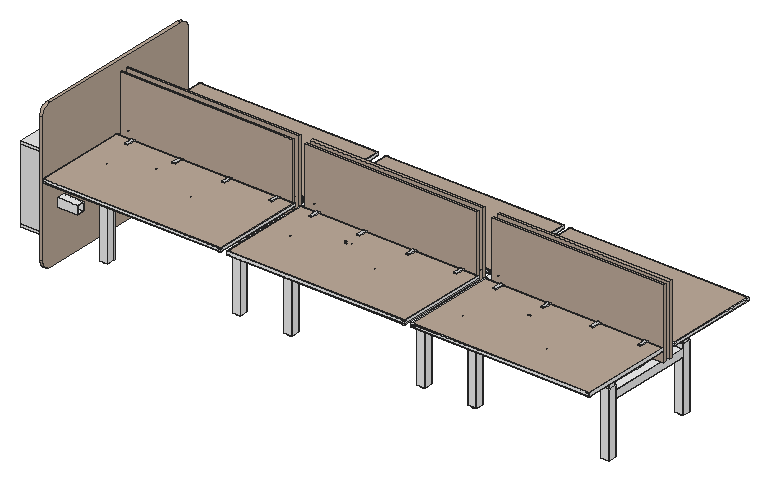
Revit family "T200104", category Furniture, Revit 2022
Family settings
  OmniClass Number = 23.40.20.00
  OmniClass Title = General Furniture and Specialties
  Work Plane-Based = No
  Always vertical = No
  Cut with Voids When Loaded = No
  Render Appearance Source = Family Geometry
  Shared = No
  Room Calculation Point = No
Parameters (values of type "T200106")
  URL = "https://ofs.com/"
  Manufacturer = "OFS"
  Description = "OFS TYPICAL T200106"
  Default Elevation = 0"
  Copyright © = "©OFS 2021"
  Catalog = "https://ofs.com/2020-experience"
  Authoring Version = "Autodesk Revit Architecture 2015"
  Assembly Code = "E2020400"
Reference planes (in)
  plane 1 "Center Front/Back": y = 0
  plane 2: z = 0
  plane 3 "Center Left/Right": x = 0
Dimensions and locks (in)
  aligned and locked: level to plane 2
Nested families (in)
  nested 1: "OFS RANGE CABLE CARRIER" at (-31.25, 12, -23.375), type "CABLE CARRIER 60W"
  nested 2: "OFS RANGE CABLE CARRIER" at (29.99027, 12, -23.375), type "CABLE CARRIER 60W"
  nested 3: "OFS RANGE CABLE CARRIER" at (89.95988, 12, -23.375), type "CABLE CARRIER 60W"
  nested 4: "OFS RANGE HEIGHT ADJUSTABLE BENCH KIT" at (89.95988, 12, 0), type "HEIGHT ADJUSTABLE BENCH KIT 60W"
    with Height 27 7/8"
  nested 5: "OFS RANGE HEIGHT ADJUSTABLE BENCH KIT" at (29.99027, 12, 0), type "HEIGHT ADJUSTABLE BENCH KIT 60W"
    with Height 27 7/8"
  nested 6: "OFS RANGE HEIGHT ADJUSTABLE BENCH KIT" at (-30, 12, 0), type "HEIGHT ADJUSTABLE BENCH KIT 60W"
    with Height 27 7/8"
  nested 7: "OFS RANGE END CAP" at (-63, 0.05906, 0) x (0, 1, 0) z (0, 0, 1), type "END CAP"
  nested 8: "OFS RANGE END CAP" at (121.70988, 0.04764, 0) x (0, -1, 0) z (0, 0, 1), type "END CAP"
  nested 9: "OFS RANGE HEIGHT ADJUSTABLE GANGING TRAY" at (0, 12, 0), type "HEIGHT ADJUSTABLE GANGING TRAY"
  nested 10: "OFS RANGE BRACKETS FOR WORKSURFACE EDGE MODESTY FABRIC PANEL" at (-22, -1.87262, -3.3125), type "BRACKETS FOR WORKSURFACE EDGE MODESTY Fabric Panel"
  nested 11: "OFS RANGE BRACKETS FOR WORKSURFACE EDGE MODESTY FABRIC PANEL" at (-38, -1.86781, -3.3125), type "BRACKETS FOR WORKSURFACE EDGE MODESTY Fabric Panel"
  nested 12: "OFS RANGE BRACKETS FOR WORKSURFACE EDGE MODESTY FABRIC PANEL" at (-6.5, -1.87262, -3.3125), type "BRACKETS FOR WORKSURFACE EDGE MODESTY Fabric Panel"
  nested 13: "OFS RANGE BRACKETS FOR WORKSURFACE EDGE MODESTY FABRIC PANEL" at (-53.5, -1.86802, -3.3125), type "BRACKETS FOR WORKSURFACE EDGE MODESTY Fabric Panel"
  nested 14: "OFS RANGE HEIGHT ADJUSTABLE GANGING TRAY" at (59.98054, 12, 0) x (-1, 0, 0) z (0, 0, 1), type "HEIGHT ADJUSTABLE GANGING TRAY"
  nested 15: "OFS RANGE BRACKETS FOR WORKSURFACE EDGE MODESTY FABRIC PANEL" at (-22, 1.87961, -3.3125), type "BRACKETS FOR WORKSURFACE EDGE MODESTY Fabric Panel"
  nested 16: "OFS RANGE BRACKETS FOR WORKSURFACE EDGE MODESTY FABRIC PANEL" at (-38, 1.87479, -3.3125), type "BRACKETS FOR WORKSURFACE EDGE MODESTY Fabric Panel"
  nested 17: "OFS RANGE BRACKETS FOR WORKSURFACE EDGE MODESTY FABRIC PANEL" at (-6.5, 1.87961, -3.3125), type "BRACKETS FOR WORKSURFACE EDGE MODESTY Fabric Panel"
  nested 18: "OFS RANGE BRACKETS FOR WORKSURFACE EDGE MODESTY FABRIC PANEL" at (-53.5, 1.875, -3.3125), type "BRACKETS FOR WORKSURFACE EDGE MODESTY Fabric Panel"
  nested 19: "OFS RANGE BRACKETS FOR WORKSURFACE EDGE MODESTY FABRIC PANEL" at (22, 1.87961, -3.3125) x (-1, 0, 0) z (0, 0, 1), type "BRACKETS FOR WORKSURFACE EDGE MODESTY Fabric Panel"
  nested 20: "OFS RANGE BRACKETS FOR WORKSURFACE EDGE MODESTY FABRIC PANEL" at (38, 1.87479, -3.3125) x (-1, 0, 0) z (0, 0, 1), type "BRACKETS FOR WORKSURFACE EDGE MODESTY Fabric Panel"
  nested 21: "OFS RANGE BRACKETS FOR WORKSURFACE EDGE MODESTY FABRIC PANEL" at (6.5, 1.87961, -3.3125) x (-1, 0, 0) z (0, 0, 1), type "BRACKETS FOR WORKSURFACE EDGE MODESTY Fabric Panel"
  nested 22: "OFS RANGE BRACKETS FOR WORKSURFACE EDGE MODESTY FABRIC PANEL" at (53.5, 1.875, -3.3125) x (-1, 0, 0) z (0, 0, 1), type "BRACKETS FOR WORKSURFACE EDGE MODESTY Fabric Panel"
  nested 23: "OFS RANGE BRACKETS FOR WORKSURFACE EDGE MODESTY FABRIC PANEL" at (22, -1.87262, -3.3125) x (-1, 0, 0) z (0, 0, 1), type "BRACKETS FOR WORKSURFACE EDGE MODESTY Fabric Panel"
  nested 24: "OFS RANGE BRACKETS FOR WORKSURFACE EDGE MODESTY FABRIC PANEL" at (38, -1.86781, -3.3125) x (-1, 0, 0) z (0, 0, 1), type "BRACKETS FOR WORKSURFACE EDGE MODESTY Fabric Panel"
  nested 25: "OFS RANGE BRACKETS FOR WORKSURFACE EDGE MODESTY FABRIC PANEL" at (6.5, -1.87262, -3.3125) x (-1, 0, 0) z (0, 0, 1), type "BRACKETS FOR WORKSURFACE EDGE MODESTY Fabric Panel"
  nested 26: "OFS RANGE BRACKETS FOR WORKSURFACE EDGE MODESTY FABRIC PANEL" at (53.5, -1.86802, -3.3125) x (-1, 0, 0) z (0, 0, 1), type "BRACKETS FOR WORKSURFACE EDGE MODESTY Fabric Panel"
  nested 27: "OFS RANGE BRACKETS FOR WORKSURFACE EDGE MODESTY FABRIC PANEL" at (97.96107, -1.87262, -3.3125), type "BRACKETS FOR WORKSURFACE EDGE MODESTY Fabric Panel"
  nested 28: "OFS RANGE BRACKETS FOR WORKSURFACE EDGE MODESTY FABRIC PANEL" at (81.96107, -1.86781, -3.3125), type "BRACKETS FOR WORKSURFACE EDGE MODESTY Fabric Panel"
  nested 29: "OFS RANGE BRACKETS FOR WORKSURFACE EDGE MODESTY FABRIC PANEL" at (113.46107, -1.87262, -3.3125), type "BRACKETS FOR WORKSURFACE EDGE MODESTY Fabric Panel"
  nested 30: "OFS RANGE BRACKETS FOR WORKSURFACE EDGE MODESTY FABRIC PANEL" at (66.46107, -1.86802, -3.3125), type "BRACKETS FOR WORKSURFACE EDGE MODESTY Fabric Panel"
  nested 31: "OFS RANGE BRACKETS FOR WORKSURFACE EDGE MODESTY FABRIC PANEL" at (97.96107, 1.87961, -3.3125), type "BRACKETS FOR WORKSURFACE EDGE MODESTY Fabric Panel"
  nested 32: "OFS RANGE BRACKETS FOR WORKSURFACE EDGE MODESTY FABRIC PANEL" at (81.96107, 1.87479, -3.3125), type "BRACKETS FOR WORKSURFACE EDGE MODESTY Fabric Panel"
  nested 33: "OFS RANGE BRACKETS FOR WORKSURFACE EDGE MODESTY FABRIC PANEL" at (113.46107, 1.87961, -3.3125), type "BRACKETS FOR WORKSURFACE EDGE MODESTY Fabric Panel"
  nested 34: "OFS RANGE BRACKETS FOR WORKSURFACE EDGE MODESTY FABRIC PANEL" at (66.46107, 1.875, -3.3125), type "BRACKETS FOR WORKSURFACE EDGE MODESTY Fabric Panel"
  nested 35: "OFS RANGE 30D RECTANGULAR TOP" at (-30, -2, 0), type "30D RECTANGULAR TOP 58W"
  nested 36: "OFS RANGE 30D RECTANGULAR TOP" at (29.99027, -2, 0), type "30D RECTANGULAR TOP 58W"
  nested 37: "OFS RANGE 30D RECTANGULAR TOP" at (89.95988, -2, 0), type "30D RECTANGULAR TOP 58W"
  nested 38: "OFS RANGE 30D RECTANGULAR TOP" at (-30, 2, 0) x (-1, 0, 0) z (0, 0, 1), type "30D RECTANGULAR TOP 58W"
  nested 39: "OFS RANGE 30D RECTANGULAR TOP" at (30.57814, 1.95669, 0) x (-1, 0, 0) z (0, 0, 1), type "30D RECTANGULAR TOP 58W"
  nested 40: "OFS RANGE 30D RECTANGULAR TOP" at (90.45314, 2.04331, 0) x (-1, 0, 0) z (0, 0, 1), type "30D RECTANGULAR TOP 58W"
  nested 41: "OFS RANGE WORKSURFACE EDGE MODESTY FABRIC" at (-30.13046, 10.91831, 0), type "WORKSURFACE EDGE MODESTY 56W FABRIC"
  nested 42: "OFS RANGE WORKSURFACE EDGE MODESTY FABRIC" at (-30.17636, 13.45669, 0), type "WORKSURFACE EDGE MODESTY 56W FABRIC"
  nested 43: "OFS RANGE WORKSURFACE EDGE MODESTY FABRIC" at (29.86954, 10.91831, 0), type "WORKSURFACE EDGE MODESTY 56W FABRIC"
  nested 44: "OFS RANGE WORKSURFACE EDGE MODESTY FABRIC" at (29.82364, 13.45669, 0), type "WORKSURFACE EDGE MODESTY 56W FABRIC"
  nested 45: "OFS RANGE WORKSURFACE EDGE MODESTY FABRIC" at (90.86954, 10.91831, 0), type "WORKSURFACE EDGE MODESTY 56W FABRIC"
  nested 46: "OFS RANGE WORKSURFACE EDGE MODESTY FABRIC" at (90.82364, 13.45669, 0), type "WORKSURFACE EDGE MODESTY 56W FABRIC"
  nested 47: "OFS RANGE DIVIDER WALL PRIVACY PANEL SOFT" at (-73.05812, -0.35444, 0) x (0, 1, 0) z (0, 0, 1), type "DIVIDER WALL PRIVACY PANEL SOFT 48H 59W"
  nested 48: "FIRST OFFICE_INTERMIX_STORAGE_FLOOR_SHELF_UNIT_NO_DRS" at (-61.55812, -0.35444, -3) x (0, -1, 0) z (0, 0, 1), type "INTERMIX-STORAGE-FLOOR-SHELF-UNIT-NO-DRS_CC-M3025FS1"
Definition of nested family "OFS RANGE CABLE CARRIER"
  Parameters (values of type "CABLE CARRIER 72W")
    Width = 52 1/2"
    URL = "http://www.ofs.com/"
    Model = "HB-72CC"
    Manufacturer = "CAROLINA"
    Height from Floor = 38 3/8"
    Height = 4 3/4"
    Profile Material = none
    Description = "OFS CAROLINA CABLE CARRIER, Use with 72\" Bench Kit"
    Depth = 9 1/2"
    Default Elevation = 0"
    Copyright © = "©OFS 2019"
    Catalog = "https://ofs.com/products/open-plan/benching/range"
    Authoring Version = "Autodesk Revit Architecture 2015"
    Assembly Code = "E2020200"
  Types (5): name | Width | Model | Description
    (no name) | 52 1/2" | "HB-72CC" | "OFS CAROLINA CABLE CARRIER, Use with 72\" Bench Kit"
    CABLE CARRIER 54W | 34 1/2" | "HB-54CC" | "OFS CAROLINA CABLE CARRIER, Use with 54\" Bench Kit"
    CABLE CARRIER 60W | 40 1/2" | "HB-60CC" | "OFS CAROLINA CABLE CARRIER, Use with 60\" Bench Kit"
    CABLE CARRIER 66W | 46 1/2" | "HB-66CC" | "OFS CAROLINA CABLE CARRIER, Use with 66\" Bench Kit"
    CABLE CARRIER 72W | 52 1/2" | "HB-72CC" | "OFS CAROLINA CABLE CARRIER, Use with 72\" Bench Kit"
  Reference planes (in)
    plane 1 "Back": y = -7.25
    plane 2: z = 0
    plane 3 "Center Left/Right": x = 0
    plane 4 "Front": y = -16.75
    plane 5 "Left": x = -26.25
    plane 6 "Right": x = 26.25
    plane 7: z = 38.375
    plane 8: z = 43.125
    plane 9: y = -12
    plane 10: x = -26
    plane 11: x = 26
  Forms (in)
    Extrusion 1, solid, material <- "Profile Material"
      sketch origin (0, 0, 0) x (0, 1, 0) y (0, 0, 1)
        loop
          arc (-16.75, 38.46905) -> (-16.66025, 38.38387) -> (-16.57988, 38.47795) r 0.08529
          line (-16.57988, 38.47795) -> (-16.59942, 38.79749) -> (-16.65837, 38.79388) -> (-16.63788, 38.45883)
          arc (-16.63788, 38.45883) -> (-16.66298, 38.43067) -> (-16.69094, 38.45599) r 0.02657
          line (-16.69094, 38.45599) -> (-16.69094, 42.16761)
          arc (-16.69094, 42.16761) -> (-16.68076, 42.1803) -> (-16.66616, 42.1731) r 0.013
          line (-16.66616, 42.1731) -> (-16.52333, 41.8668) -> (-16.4698, 41.89175) -> (-16.63086, 42.23713)
          arc (-16.63086, 42.23713) -> (-16.70103, 42.27174) -> (-16.75, 42.21072) r 0.0625
          line (-16.75, 42.21072) -> (-16.75, 38.46905)
      from -26.25 to 26.25
    Extrusion 2, solid, material <- "Profile Material"
      sketch origin (0, -24, 0) x (0, -1, 0) y (0, 0, -1)
        loop
          line (-16.75, -38.46905) -> (-16.75, -42.21072)
          arc (-16.75, -42.21072) -> (-16.70103, -42.27174) -> (-16.63086, -42.23713) r 0.0625
          line (-16.63086, -42.23713) -> (-16.4698, -41.89175) -> (-16.52333, -41.8668) -> (-16.66616, -42.1731)
          arc (-16.66616, -42.1731) -> (-16.68076, -42.1803) -> (-16.69094, -42.16761) r 0.013
          line (-16.69094, -42.16761) -> (-16.69094, -38.45599)
          arc (-16.69094, -38.45599) -> (-16.66298, -38.43067) -> (-16.63788, -38.45883) r 0.02657
          line (-16.63788, -38.45883) -> (-16.65837, -38.79388) -> (-16.59942, -38.79749) -> (-16.57988, -38.47795)
          arc (-16.57988, -38.47795) -> (-16.66025, -38.38387) -> (-16.75, -38.46905) r 0.08529
      from -26.25 to 26.25
    Extrusion 3, solid, material <- "Profile Material"
      sketch origin (0, 0, 0) x (0, 1, 0) y (0, 0, 1)
        loop
          line (-7.70866, 42.18051) -> (-7.70866, 38.47972) -> (-7.57087, 38.47972) -> (-7.57087, 42.17868)
          arc (-7.57087, 42.17868) -> (-7.61176, 42.27741) -> (-7.71049, 42.31831) r 0.13963
          line (-7.71049, 42.31831) -> (-16.28951, 42.31831)
          arc (-16.28951, 42.31831) -> (-16.38824, 42.27741) -> (-16.42914, 42.17868) r 0.13963
          line (-16.42914, 42.17868) -> (-16.42914, 38.47972) -> (-16.29134, 38.47972) -> (-16.29134, 42.18051) -> (-7.70866, 42.18051)
      from -26.25 to 26.25
    Extrusion 4, solid, material <- "Profile Material"
      sketch origin (0, 0, 0) x (0, 1, 0) y (0, 0, 1)
        loop
          line (-13.4498, 42.37736) -> (-10.5502, 42.37736)
          arc (-10.5502, 42.37736) -> (-10.46181, 42.41397) -> (-10.4252, 42.50236) r 0.125
          line (-10.4252, 42.50236) -> (-10.4252, 43)
          arc (-10.4252, 43) -> (-10.46181, 43.08839) -> (-10.5502, 43.125) r 0.125
          line (-10.5502, 43.125) -> (-13.4498, 43.125)
          arc (-13.4498, 43.125) -> (-13.53819, 43.08839) -> (-13.5748, 43) r 0.125
          line (-13.5748, 43) -> (-13.5748, 42.50236)
          arc (-13.5748, 42.50236) -> (-13.53819, 42.41397) -> (-13.4498, 42.37736) r 0.125
        loop
          line (-10.54331, 42.49547) -> (-10.54331, 43.00689) -> (-13.45669, 43.00689) -> (-13.45669, 42.49547) -> (-10.54331, 42.49547)
      from -26.25 to 26.25
    Extrusion 5, solid, material <- "Profile Material"
      sketch origin (0, 0, 0) x (0, 1, 0) y (0, 0, 1)
        loop
          line (-7.55906, 38.43406) -> (-16.44094, 38.43406) -> (-16.44094, 39.19311) -> (-16.5, 39.19311) -> (-16.5, 38.44013)
          arc (-16.5, 38.44013) -> (-16.48092, 38.39408) -> (-16.43487, 38.375) r 0.06513
          line (-16.43487, 38.375) -> (-7.56513, 38.375)
          arc (-7.56513, 38.375) -> (-7.51908, 38.39408) -> (-7.5, 38.44013) r 0.06513
          line (-7.5, 38.44013) -> (-7.5, 39.19311) -> (-7.55906, 39.19311) -> (-7.55906, 38.43406)
      from -26.25 to 26.25
    Extrusion 6, solid, material <- "Profile Material"
      sketch origin (0, 0, 0) x (0, 1, 0) y (0, 0, 1)
        loop
          arc (-16.39444, 42.37736) -> (-16.46073, 42.3499) -> (-16.48819, 42.28361) r 0.09375
          line (-16.48819, 42.28361) -> (-16.48819, 41.85717)
          arc (-16.48819, 41.85717) -> (-16.49961, 41.84294) -> (-16.51596, 41.85101) r 0.01457
          line (-16.51596, 41.85101) -> (-16.63096, 42.09762) -> (-16.68194, 42.07384) -> (-16.54764, 41.78583)
          arc (-16.54764, 41.78583) -> (-16.47784, 41.75141) -> (-16.42914, 41.8121) r 0.06216
          line (-16.42914, 41.8121) -> (-16.42914, 42.28714)
          arc (-16.42914, 42.28714) -> (-16.42001, 42.30918) -> (-16.39796, 42.31831) r 0.03117
          line (-16.39796, 42.31831) -> (-7.60204, 42.31831)
          arc (-7.60204, 42.31831) -> (-7.57999, 42.30918) -> (-7.57087, 42.28714) r 0.03117
          line (-7.57087, 42.28714) -> (-7.57087, 41.8121)
          arc (-7.57087, 41.8121) -> (-7.52216, 41.75141) -> (-7.45236, 41.78583) r 0.06216
          line (-7.45236, 41.78583) -> (-7.31806, 42.07384) -> (-7.36904, 42.09762) -> (-7.48404, 41.85101)
          arc (-7.48404, 41.85101) -> (-7.50039, 41.84294) -> (-7.51181, 41.85717) r 0.01457
          line (-7.51181, 41.85717) -> (-7.51181, 42.28361)
          arc (-7.51181, 42.28361) -> (-7.53927, 42.3499) -> (-7.60556, 42.37736) r 0.09375
          line (-7.60556, 42.37736) -> (-16.39444, 42.37736)
      from -26.25 to 26.25
    Extrusion 7, solid, material <- "Profile Material"
      sketch origin (0, 0, 0) x (0, 1, 0) y (0, 0, 1)
        loop
          line (-9.5, 40.40471) -> (-9.5, 42.18051) -> (-14.5, 42.18051) -> (-14.5, 40.40471)
          arc (-14.5, 40.40471) -> (-14.46305, 40.3155) -> (-14.37384, 40.27854) r 0.12616
          line (-14.37384, 40.27854) -> (-9.62616, 40.27854)
          arc (-9.62616, 40.27854) -> (-9.53695, 40.3155) -> (-9.5, 40.40471) r 0.12616
      from 26 to 26.25
    Extrusion 8, solid, material <- "Profile Material"
      sketch origin (0, 0, 0) x (0, 1, 0) y (0, 0, -1)
        loop
          arc (-9.5, -40.40471) -> (-9.53695, -40.3155) -> (-9.62616, -40.27854) r 0.12616
          line (-9.62616, -40.27854) -> (-14.37384, -40.27854)
          arc (-14.37384, -40.27854) -> (-14.46305, -40.3155) -> (-14.5, -40.40471) r 0.12616
          line (-14.5, -40.40471) -> (-14.5, -42.18051) -> (-9.5, -42.18051) -> (-9.5, -40.40471)
      from 26 to 26.25
  Dimensions and locks (in)
    "Depth": plane 4 "Front" to plane 1 "Back"
    equal spacing: plane 5 "Left", plane 3 "Center Left/Right", plane 6 "Right"
    "Width": plane 5 "Left" to plane 6 "Right"
    "Height from Floor": plane 7 to level
    "Height": plane 8 to plane 7
    equal spacing: plane 4 "Front", plane 9, plane 1 "Back"
    locked: plane 5 "Left" to plane 10 at 0.25
    locked: plane 6 "Right" to plane 11 at 0.25
    aligned and locked: level to plane 2
    aligned and locked: Extrusion 1 to plane 6 "Right"
    aligned and locked: Extrusion 3 to plane 6 "Right"
    aligned and locked: Extrusion 2 to plane 6 "Right"
    aligned and locked: Extrusion 5 to plane 6 "Right"
    aligned and locked: Extrusion 4 to plane 6 "Right"
    aligned and locked: Extrusion 6 to plane 6 "Right"
    aligned and locked: Extrusion 1 to plane 5 "Left"
    aligned and locked: Extrusion 3 to plane 5 "Left"
    aligned and locked: Extrusion 2 to plane 5 "Left"
    aligned and locked: Extrusion 4 to plane 5 "Left"
    aligned and locked: Extrusion 6 to plane 5 "Left"
    aligned and locked: Extrusion 5 to plane 5 "Left"
    aligned and locked: plane 11 to Extrusion 7
    aligned and locked: Extrusion 7 to plane 6 "Right"
    aligned and locked: Extrusion 8 to plane 5 "Left"
    aligned and locked: plane 10 to Extrusion 8
  Automatic sketch dimensions
    Extrusion 1 sketch curve to plane 4 "Front" = 0"
    Extrusion 1 sketch curve to plane 4 "Front" = 0.05906"
    Extrusion 1 sketch curve to Extrusion 1 sketch curve = 0.00344"
    Extrusion 1 sketch curve to Extrusion 1 sketch curve = 0.013"
    Extrusion 1 sketch curve to Extrusion 1 sketch curve = 0.01178"
    Extrusion 1 sketch curve to Extrusion 1 sketch curve = 0.02624"
    Extrusion 1 sketch curve to Extrusion 1 sketch curve = 0.00031"
    Extrusion 1 sketch curve to plane 4 "Front" = 0.09163"
    plane 7 to Extrusion 1 sketch curve = 0.08383"
    Extrusion 1 sketch curve to Extrusion 1 sketch curve = 0.02652"
    Extrusion 1 sketch curve to Extrusion 1 sketch curve = 0.05664"
    Extrusion 1 sketch curve to Extrusion 1 sketch curve = 0.05894"
    plane 7 to Extrusion 1 sketch curve = 0.10295"
    Extrusion 1 sketch curve to Extrusion 1 sketch curve = 0.058"
    Extrusion 1 sketch curve to plane 4 "Front" = 0.22667"
    Extrusion 1 sketch curve to Extrusion 1 sketch curve = 0.05352"
    Extrusion 1 sketch curve to Extrusion 1 sketch curve = 0.01184"
    Extrusion 1 sketch curve to plane 8 = 1.2582"
    Extrusion 1 sketch curve to Extrusion 1 sketch curve = 0.02496"
    Extrusion 2 sketch curve to plane 1 "Back" = 0"
    Extrusion 2 sketch curve to plane 1 "Back" = 0.05906"
    Extrusion 2 sketch curve to Extrusion 2 sketch curve = 0.00344"
    Extrusion 2 sketch curve to Extrusion 2 sketch curve = 0.013"
    Extrusion 2 sketch curve to Extrusion 2 sketch curve = 0.01178"
    Extrusion 2 sketch curve to Extrusion 2 sketch curve = 0.02624"
    Extrusion 2 sketch curve to Extrusion 2 sketch curve = 0.00031"
    Extrusion 2 sketch curve to plane 1 "Back" = 0.09163"
    Extrusion 2 sketch curve to plane 7 = 0.08383"
    Extrusion 2 sketch curve to Extrusion 2 sketch curve = 0.02652"
    Extrusion 2 sketch curve to Extrusion 2 sketch curve = 0.05664"
    Extrusion 2 sketch curve to Extrusion 2 sketch curve = 0.05894"
    Extrusion 2 sketch curve to plane 7 = 0.10295"
    Extrusion 2 sketch curve to Extrusion 2 sketch curve = 0.058"
    Extrusion 2 sketch curve to plane 1 "Back" = 0.22667"
    Extrusion 2 sketch curve to Extrusion 2 sketch curve = 0.05352"
    Extrusion 2 sketch curve to Extrusion 2 sketch curve = 0.01184"
    plane 8 to Extrusion 2 sketch curve = 1.2582"
    Extrusion 2 sketch curve to Extrusion 2 sketch curve = 0.02496"
    Extrusion 3 sketch curve to plane 4 "Front" = 0.32086"
    Extrusion 3 sketch curve to Extrusion 3 sketch curve = 0.1378"  (x2)
    Extrusion 3 sketch curve to Extrusion 3 sketch curve = 0.00183"  (x3)
    plane 1 "Back" to Extrusion 3 sketch curve = 0.46049"
    plane 7 to Extrusion 3 sketch curve = 0.10472"  (x2)
    Extrusion 3 sketch curve to plane 8 = 0.94632"
    Extrusion 4 sketch curve to plane 8 = 0"
    Extrusion 4 sketch curve to plane 9 = 1.5748"
    Extrusion 4 sketch curve to Extrusion 4 sketch curve = 0.11811"  (x2)
    Extrusion 4 sketch curve to Extrusion 4 sketch curve = 0.00689"  (x5)
    plane 9 to Extrusion 4 sketch curve = 1.4498"
    Extrusion 4 sketch curve to Extrusion 4 sketch curve = 0"
    Extrusion 4 sketch curve to Extrusion 4 sketch curve = 0.49764"
    Extrusion 5 sketch curve to plane 7 = 0"
    plane 7 to Extrusion 5 sketch curve = 0.06513"  (x2)
    Extrusion 5 sketch curve to plane 4 "Front" = 1/4"
    Extrusion 5 sketch curve to Extrusion 5 sketch curve = 0.05906"  (x2)
    plane 1 "Back" to Extrusion 5 sketch curve = 0.31513"
    Extrusion 5 sketch curve to Extrusion 5 sketch curve = 0.00607"
    Extrusion 5 sketch curve to Extrusion 5 sketch curve = 0.75298"  (x2)
    Extrusion 6 sketch curve to plane 4 "Front" = 0.06806"
    Extrusion 6 sketch curve to Extrusion 6 sketch curve = 0.05098"  (x2)
    Extrusion 6 sketch curve to plane 4 "Front" = 0.20236"
    Extrusion 6 sketch curve to Extrusion 6 sketch curve = 0.03168"
    Extrusion 6 sketch curve to Extrusion 6 sketch curve = 0.0132"  (x2)
    Extrusion 6 sketch curve to Extrusion 6 sketch curve = 0.02466"
    Extrusion 6 sketch curve to Extrusion 6 sketch curve = 0.01457"  (x2)
    Extrusion 6 sketch curve to Extrusion 6 sketch curve = 0.06216"
    Extrusion 6 sketch curve to Extrusion 6 sketch curve = 0.03117"  (x2)
    Extrusion 6 sketch curve to Extrusion 6 sketch curve = 0.00352"  (x3)
    plane 1 "Back" to Extrusion 6 sketch curve = 0.35556"
    Extrusion 6 sketch curve to Extrusion 6 sketch curve = 0.05906"
    Extrusion 6 sketch curve to Extrusion 6 sketch curve = 0.00311"
    Extrusion 6 sketch curve to Extrusion 6 sketch curve = 0.05634"
    plane 1 "Back" to Extrusion 6 sketch curve = 0.11904"
    Extrusion 6 sketch curve to plane 8 = 1.33917"  (x2)
    Extrusion 6 sketch curve to Extrusion 6 sketch curve = 0.03891"  (x2)
    Extrusion 6 sketch curve to Extrusion 6 sketch curve = 0.186"
    Extrusion 7 sketch curve to plane 4 "Front" = 2 1/4"
    Extrusion 7 sketch curve to Extrusion 7 sketch curve = 0.12616"  (x2)
    plane 9 to Extrusion 7 sketch curve = 2.37384"
    plane 7 to Extrusion 7 sketch curve = 1.90354"
    Extrusion 7 sketch curve to plane 8 = 0.94449"
    Extrusion 8 sketch curve to plane 4 "Front" = 2 1/4"
    Extrusion 8 sketch curve to Extrusion 8 sketch curve = 0.12616"  (x2)
    plane 9 to Extrusion 8 sketch curve = 2.37384"
    Extrusion 8 sketch curve to plane 8 = 0.94449"
    Extrusion 8 sketch curve to Extrusion 8 sketch curve = 1.77581"
Definition of nested family "OFS RANGE HEIGHT ADJUSTABLE BENCH KIT"
  Parameters (values of type "HEIGHT ADJUSTABLE BENCH KIT 54W")
    Default Elevation = 0"
    Casters Material = none
    Width = 44"
    URL = "http://www.ofs.com/"
    Model = "HB-54HABK"
    Manufacturer = "CAROLINA"
    Height [instance] = 27 7/8"
    Structure Material = none
    Description = "OFS CAROLINA RANGE HEIGHT ADJUSTABLE BENCH KIT, 54\" Kit, Accommodates Two Users"
    Depth = 45 3/4"
    Copyright © = "©OFS 2019"
    Catalog = "https://ofs.com/products/open-plan/benching/range"
    Authoring Version = "Autodesk Revit Architecture 2015"
    Assembly Code = "E2020200"
  Types (5): name | Width | Model | Description
    (no name) | 44" | "HB-54HABK" | "OFS CAROLINA RANGE HEIGHT ADJUSTABLE BENCH KIT, 54\" Kit, Accommodates Two Users"
    HEIGHT ADJUSTABLE BENCH KIT 54W | 44" | "HB-54HABK" | "OFS CAROLINA RANGE HEIGHT ADJUSTABLE BENCH KIT, 54\" Kit, Accommodates Two Users"
    HEIGHT ADJUSTABLE BENCH KIT 60W | 50" | "HB-60HABK" | "OFS CAROLINA RANGE HEIGHT ADJUSTABLE BENCH KIT, 60\" Kit, Accommodates Two Users"
    HEIGHT ADJUSTABLE BENCH KIT 66W | 56" | "HB-66HABK" | "OFS CAROLINA RANGE HEIGHT ADJUSTABLE BENCH KIT, 66\" Kit, Accommodates Two Users"
    HEIGHT ADJUSTABLE BENCH KIT 72W | 62" | "HB-72HABK" | "OFS CAROLINA RANGE HEIGHT ADJUSTABLE BENCH KIT, 72\" Kit, Accommodates Two Users"
  Reference planes (in)
    plane 1 "Back": y = 10.875
    plane 2: z = 0
    plane 3 "Center Left/Right": x = 0
    plane 4 "Front": y = -34.875
    plane 5 "Left": x = -22
    plane 6 "Right": x = 22
    plane 7: z = 27.875
    plane 8: y = -12
    plane 9: z = 19.75
    plane 10: z = 17
    plane 11: z = 21.25
    plane 12: x = -20
    plane 13: x = 20
    plane 14: x = -17.25
    plane 15: x = 17.25
    plane 16: y = 4.375
    plane 17: y = 1.625
    plane 18: y = -28.375
    plane 19: y = -25.625
    plane 20: z = 0.375
    plane 21: x = -20.875
    plane 22: x = 20.875
    plane 23: y = -4.87622
    plane 24: y = -19.12378
    plane 25: z = 26.75
    plane 26: y = -23.9375
    plane 27: y = -25.125
    plane 28: y = -30.0625
    plane 29: y = -28.875
    plane 30: y = -0.0625
    plane 31: y = 1.125
    plane 32: y = 6.0625
    plane 33: y = 4.875
    plane 34: x = -0.5
    plane 35: x = 0.5
    plane 36: z = 25.5
    plane 37: z = 26
  Forms (in)
    Extrusion 1, solid, material <- "Structure Material"
      sketch origin (0, 0, 0) x (1, 0, 0) y (0, 1, 0)
        loop
          arc (-19.875, 4.375) -> (-19.96339, 4.33839) -> (-20, 4.25) r 0.125
          line (-20, 4.25) -> (-20, 1.75)
          arc (-20, 1.75) -> (-19.96339, 1.66161) -> (-19.875, 1.625) r 0.125
          line (-19.875, 1.625) -> (-17.375, 1.625)
          arc (-17.375, 1.625) -> (-17.28661, 1.66161) -> (-17.25, 1.75) r 0.125
          line (-17.25, 1.75) -> (-17.25, 4.25)
          arc (-17.25, 4.25) -> (-17.28661, 4.33839) -> (-17.375, 4.375) r 0.125
          line (-17.375, 4.375) -> (-19.875, 4.375)
        loop
          arc (17.375, 4.375) -> (17.28661, 4.33839) -> (17.25, 4.25) r 0.125
          line (17.25, 4.25) -> (17.25, 1.75)
          arc (17.25, 1.75) -> (17.28661, 1.66161) -> (17.375, 1.625) r 0.125
          line (17.375, 1.625) -> (19.875, 1.625)
          arc (19.875, 1.625) -> (19.96339, 1.66161) -> (20, 1.75) r 0.125
          line (20, 1.75) -> (20, 4.25)
          arc (20, 4.25) -> (19.96339, 4.33839) -> (19.875, 4.375) r 0.125
          line (19.875, 4.375) -> (17.375, 4.375)
        loop
          arc (19.875, -28.375) -> (19.96339, -28.33839) -> (20, -28.25) r 0.125
          line (20, -28.25) -> (20, -25.75)
          arc (20, -25.75) -> (19.96339, -25.66161) -> (19.875, -25.625) r 0.125
          line (19.875, -25.625) -> (17.375, -25.625)
          arc (17.375, -25.625) -> (17.28661, -25.66161) -> (17.25, -25.75) r 0.125
          line (17.25, -25.75) -> (17.25, -28.25)
          arc (17.25, -28.25) -> (17.28661, -28.33839) -> (17.375, -28.375) r 0.125
          line (17.375, -28.375) -> (19.875, -28.375)
        loop
          arc (-17.375, -28.375) -> (-17.28661, -28.33839) -> (-17.25, -28.25) r 0.125
          line (-17.25, -28.25) -> (-17.25, -25.75)
          arc (-17.25, -25.75) -> (-17.28661, -25.66161) -> (-17.375, -25.625) r 0.125
          line (-17.375, -25.625) -> (-19.875, -25.625)
          arc (-19.875, -25.625) -> (-19.96339, -25.66161) -> (-20, -25.75) r 0.125
          line (-20, -25.75) -> (-20, -28.25)
          arc (-20, -28.25) -> (-19.96339, -28.33839) -> (-19.875, -28.375) r 0.125
          line (-19.875, -28.375) -> (-17.375, -28.375)
      from 0.375 to 21.25
    Extrusion 2, solid, material <- "Structure Material"
      sketch origin (0, 10.875, 0) x (1, 0, 0) y (0, 0, 1)
        loop
          arc (-19.875, 19.75) -> (-19.96339, 19.71339) -> (-20, 19.625) r 0.125
          line (-20, 19.625) -> (-20, 17.125)
          arc (-20, 17.125) -> (-19.96339, 17.03661) -> (-19.875, 17) r 0.125
          line (-19.875, 17) -> (-17.375, 17)
          arc (-17.375, 17) -> (-17.28661, 17.03661) -> (-17.25, 17.125) r 0.125
          line (-17.25, 17.125) -> (-17.25, 19.625)
          arc (-17.25, 19.625) -> (-17.28661, 19.71339) -> (-17.375, 19.75) r 0.125
          line (-17.375, 19.75) -> (-19.875, 19.75)
        loop
          line (19.875, 19.75) -> (17.375, 19.75)
          arc (17.375, 19.75) -> (17.28661, 19.71339) -> (17.25, 19.625) r 0.125
          line (17.25, 19.625) -> (17.25, 17.125)
          arc (17.25, 17.125) -> (17.28661, 17.03661) -> (17.375, 17) r 0.125
          line (17.375, 17) -> (19.875, 17)
          arc (19.875, 17) -> (19.96339, 17.03661) -> (20, 17.125) r 0.125
          line (20, 17.125) -> (20, 19.625)
          arc (20, 19.625) -> (19.96339, 19.71339) -> (19.875, 19.75) r 0.125
      from 9.25 to 36.5
    Revolve 3, solid, material <- "Casters Material"
      sketch origin (0, 3, 0) x (1, 0, 0) y (0, 0, 1)
        loop
          line (-19.63403, 0.03937) -> (-18.625, 0.03937) -> (-18.625, 0.375) -> (-19.45473, 0.375) -> (-19.63403, 0.19569) -> (-19.63403, 0.03937)
        axis (-18.625, 0.375) -> (-18.625, 0.03937)
      angle from 0 to 360
    Revolve 4, solid, material <- "Casters Material"
      sketch origin (0, 3, 0) x (-1, 0, 0) y (0, 0, -1)
        loop
          line (-19.63403, -0.03937) -> (-19.63403, -0.19569) -> (-19.45473, -0.375) -> (-18.625, -0.375) -> (-18.625, -0.03937) -> (-19.63403, -0.03937)
        axis (-18.625, -0.375) -> (-18.625, -0.03937)
      angle from 0 to 360
    Revolve 5, solid, material <- "Casters Material"
      sketch origin (0, -27, 0) x (1, 0, 0) y (0, 0, -1)
        loop
          line (-19.63403, -0.03937) -> (-19.63403, -0.19569) -> (-19.45473, -0.375) -> (-18.625, -0.375) -> (-18.625, -0.03937) -> (-19.63403, -0.03937)
        axis (-18.625, -0.375) -> (-18.625, -0.03937)
      angle from 0 to 360
    Revolve 6, solid, material <- "Casters Material"
      sketch origin (0, -27, 0) x (-1, 0, 0) y (0, 0, 1)
        loop
          line (-19.63403, 0.03937) -> (-18.625, 0.03937) -> (-18.625, 0.375) -> (-19.45473, 0.375) -> (-19.63403, 0.19569) -> (-19.63403, 0.03937)
        axis (-18.625, 0.375) -> (-18.625, 0.03937)
      angle from 0 to 360
    Extrusion 7, solid, material <- "Structure Material"
      sketch origin (0, 10.875, 0) x (1, 0, 0) y (0, 0, 1)
        loop
          arc (-21.875, 27.875) -> (-21.96339, 27.83839) -> (-22, 27.75) r 0.125
          line (-22, 27.75) -> (-22, 26.875)
          arc (-22, 26.875) -> (-21.96339, 26.78661) -> (-21.875, 26.75) r 0.125
          line (-21.875, 26.75) -> (-21, 26.75)
          arc (-21, 26.75) -> (-20.91161, 26.78661) -> (-20.875, 26.875) r 0.125
          line (-20.875, 26.875) -> (-20.875, 27.75)
          arc (-20.875, 27.75) -> (-20.91161, 27.83839) -> (-21, 27.875) r 0.125
          line (-21, 27.875) -> (-21.875, 27.875)
        loop
          arc (21, 27.875) -> (20.91161, 27.83839) -> (20.875, 27.75) r 0.125
          line (20.875, 27.75) -> (20.875, 26.875)
          arc (20.875, 26.875) -> (20.91161, 26.78661) -> (21, 26.75) r 0.125
          line (21, 26.75) -> (21.875, 26.75)
          arc (21.875, 26.75) -> (21.96339, 26.78661) -> (22, 26.875) r 0.125
          line (22, 26.875) -> (22, 27.75)
          arc (22, 27.75) -> (21.96339, 27.83839) -> (21.875, 27.875) r 0.125
          line (21.875, 27.875) -> (21, 27.875)
      from 15.75122 to 0
    Extrusion 8, solid, material <- "Structure Material"
      sketch origin (0, 10.875, 0) x (1, 0, 0) y (0, 0, 1)
        loop
          line (21.875, 27.875) -> (21, 27.875)
          arc (21, 27.875) -> (20.91161, 27.83839) -> (20.875, 27.75) r 0.125
          line (20.875, 27.75) -> (20.875, 26.875)
          arc (20.875, 26.875) -> (20.91161, 26.78661) -> (21, 26.75) r 0.125
          line (21, 26.75) -> (21.875, 26.75)
          arc (21.875, 26.75) -> (21.96339, 26.78661) -> (22, 26.875) r 0.125
          line (22, 26.875) -> (22, 27.75)
          arc (22, 27.75) -> (21.96339, 27.83839) -> (21.875, 27.875) r 0.125
        loop
          arc (-21.875, 27.875) -> (-21.96339, 27.83839) -> (-22, 27.75) r 0.125
          line (-22, 27.75) -> (-22, 26.875)
          arc (-22, 26.875) -> (-21.96339, 26.78661) -> (-21.875, 26.75) r 0.125
          line (-21.875, 26.75) -> (-21, 26.75)
          arc (-21, 26.75) -> (-20.91161, 26.78661) -> (-20.875, 26.875) r 0.125
          line (-20.875, 26.875) -> (-20.875, 27.75)
          arc (-20.875, 27.75) -> (-20.91161, 27.83839) -> (-21, 27.875) r 0.125
          line (-21, 27.875) -> (-21.875, 27.875)
      from 29.99878 to 45.75
    Extrusion 9, solid, material <- "Structure Material"
      sketch origin (0, 0, 0) x (0, 1, 0) y (0, 0, 1)
        loop
          line (5.9375, 27.875) -> (5, 27.875)
          arc (5, 27.875) -> (4.91161, 27.83839) -> (4.875, 27.75) r 0.125
          line (4.875, 27.75) -> (4.875, 26.875)
          arc (4.875, 26.875) -> (4.91161, 26.78661) -> (5, 26.75) r 0.125
          line (5, 26.75) -> (5.9375, 26.75)
          arc (5.9375, 26.75) -> (6.02589, 26.78661) -> (6.0625, 26.875) r 0.125
          line (6.0625, 26.875) -> (6.0625, 27.75)
          arc (6.0625, 27.75) -> (6.02589, 27.83839) -> (5.9375, 27.875) r 0.125
        loop
          arc (0.0625, 27.875) -> (-0.02589, 27.83839) -> (-0.0625, 27.75) r 0.125
          line (-0.0625, 27.75) -> (-0.0625, 26.875)
          arc (-0.0625, 26.875) -> (-0.02589, 26.78661) -> (0.0625, 26.75) r 0.125
          line (0.0625, 26.75) -> (1, 26.75)
          arc (1, 26.75) -> (1.08839, 26.78661) -> (1.125, 26.875) r 0.125
          line (1.125, 26.875) -> (1.125, 27.75)
          arc (1.125, 27.75) -> (1.08839, 27.83839) -> (1, 27.875) r 0.125
          line (1, 27.875) -> (0.0625, 27.875)
        loop
          line (-24.0625, 27.875) -> (-25, 27.875)
          arc (-25, 27.875) -> (-25.08839, 27.83839) -> (-25.125, 27.75) r 0.125
          line (-25.125, 27.75) -> (-25.125, 26.875)
          arc (-25.125, 26.875) -> (-25.08839, 26.78661) -> (-25, 26.75) r 0.125
          line (-25, 26.75) -> (-24.0625, 26.75)
          arc (-24.0625, 26.75) -> (-23.97411, 26.78661) -> (-23.9375, 26.875) r 0.125
          line (-23.9375, 26.875) -> (-23.9375, 27.75)
          arc (-23.9375, 27.75) -> (-23.97411, 27.83839) -> (-24.0625, 27.875) r 0.125
        loop
          arc (-29.9375, 27.875) -> (-30.02589, 27.83839) -> (-30.0625, 27.75) r 0.125
          line (-30.0625, 27.75) -> (-30.0625, 26.875)
          arc (-30.0625, 26.875) -> (-30.02589, 26.78661) -> (-29.9375, 26.75) r 0.125
          line (-29.9375, 26.75) -> (-29, 26.75)
          arc (-29, 26.75) -> (-28.91161, 26.78661) -> (-28.875, 26.875) r 0.125
          line (-28.875, 26.875) -> (-28.875, 27.75)
          arc (-28.875, 27.75) -> (-28.91161, 27.83839) -> (-29, 27.875) r 0.125
          line (-29, 27.875) -> (-29.9375, 27.875)
      from -20.875 to -0.5
    Extrusion 10, solid, material <- "Structure Material"
      sketch origin (0, 0, 0) x (0, 1, 0) y (0, 0, 1)
        loop
          line (5.9375, 27.875) -> (5, 27.875)
          arc (5, 27.875) -> (4.91161, 27.83839) -> (4.875, 27.75) r 0.125
          line (4.875, 27.75) -> (4.875, 26.875)
          arc (4.875, 26.875) -> (4.91161, 26.78661) -> (5, 26.75) r 0.125
          line (5, 26.75) -> (5.9375, 26.75)
          arc (5.9375, 26.75) -> (6.02589, 26.78661) -> (6.0625, 26.875) r 0.125
          line (6.0625, 26.875) -> (6.0625, 27.75)
          arc (6.0625, 27.75) -> (6.02589, 27.83839) -> (5.9375, 27.875) r 0.125
        loop
          line (1, 27.875) -> (0.0625, 27.875)
          arc (0.0625, 27.875) -> (-0.02589, 27.83839) -> (-0.0625, 27.75) r 0.125
          line (-0.0625, 27.75) -> (-0.0625, 26.875)
          arc (-0.0625, 26.875) -> (-0.02589, 26.78661) -> (0.0625, 26.75) r 0.125
          line (0.0625, 26.75) -> (1, 26.75)
          arc (1, 26.75) -> (1.08839, 26.78661) -> (1.125, 26.875) r 0.125
          line (1.125, 26.875) -> (1.125, 27.75)
          arc (1.125, 27.75) -> (1.08839, 27.83839) -> (1, 27.875) r 0.125
        loop
          line (-29, 27.875) -> (-29.9375, 27.875)
          arc (-29.9375, 27.875) -> (-30.02589, 27.83839) -> (-30.0625, 27.75) r 0.125
          line (-30.0625, 27.75) -> (-30.0625, 26.875)
          arc (-30.0625, 26.875) -> (-30.02589, 26.78661) -> (-29.9375, 26.75) r 0.125
          line (-29.9375, 26.75) -> (-29, 26.75)
          arc (-29, 26.75) -> (-28.91161, 26.78661) -> (-28.875, 26.875) r 0.125
          line (-28.875, 26.875) -> (-28.875, 27.75)
          arc (-28.875, 27.75) -> (-28.91161, 27.83839) -> (-29, 27.875) r 0.125
        loop
          line (-24.0625, 27.875) -> (-25, 27.875)
          arc (-25, 27.875) -> (-25.08839, 27.83839) -> (-25.125, 27.75) r 0.125
          line (-25.125, 27.75) -> (-25.125, 26.875)
          arc (-25.125, 26.875) -> (-25.08839, 26.78661) -> (-25, 26.75) r 0.125
          line (-25, 26.75) -> (-24.0625, 26.75)
          arc (-24.0625, 26.75) -> (-23.97411, 26.78661) -> (-23.9375, 26.875) r 0.125
          line (-23.9375, 26.875) -> (-23.9375, 27.75)
          arc (-23.9375, 27.75) -> (-23.97411, 27.83839) -> (-24.0625, 27.875) r 0.125
      from 0.5 to 20.875
    Extrusion 11, solid, material <- "Structure Material"
      sketch origin (0, 0, 0) x (0, 1, 0) y (0, 0, 1)
        loop
          line (5.9375, 27.75) -> (5, 27.75) -> (5, 26.875) -> (5.9375, 26.875) -> (5.9375, 27.75)
        loop
          line (1, 27.75) -> (0.0625, 27.75) -> (0.0625, 26.875) -> (1, 26.875) -> (1, 27.75)
        loop
          line (-24.0625, 27.75) -> (-25, 27.75) -> (-25, 26.875) -> (-24.0625, 26.875) -> (-24.0625, 27.75)
        loop
          line (-29, 27.75) -> (-29.9375, 27.75) -> (-29.9375, 26.875) -> (-29, 26.875) -> (-29, 27.75)
      from -0.5 to 0.5
    Extrusion 12, solid, material <- "Structure Material"
      sketch origin (0, 0, 0) x (1, 0, 0) y (0, 1, 0)
        loop
          line (-20.5, 4.625) -> (-20.5, 1.375) -> (-16.75, 1.375) -> (-16.75, 4.625) -> (-20.5, 4.625)
        loop
          line (-20.5, -28.625) -> (-16.75, -28.625) -> (-16.75, -25.375) -> (-20.5, -25.375) -> (-20.5, -28.625)
        loop
          line (20.5, 4.625) -> (16.75, 4.625) -> (16.75, 1.375) -> (20.5, 1.375) -> (20.5, 4.625)
        loop
          line (20.5, -28.625) -> (20.5, -25.375) -> (16.75, -25.375) -> (16.75, -28.625) -> (20.5, -28.625)
      from 25.5 to 26
    Extrusion 13, solid, material <- "Structure Material"
      sketch origin (0, 0, 0) x (1, 0, 0) y (0, 1, 0)
        loop
          arc (-19.75, 4.25) -> (-19.83839, 4.21339) -> (-19.875, 4.125) r 0.125
          line (-19.875, 4.125) -> (-19.875, 1.875)
          arc (-19.875, 1.875) -> (-19.83839, 1.78661) -> (-19.75, 1.75) r 0.125
          line (-19.75, 1.75) -> (-17.5, 1.75)
          arc (-17.5, 1.75) -> (-17.41161, 1.78661) -> (-17.375, 1.875) r 0.125
          line (-17.375, 1.875) -> (-17.375, 4.125)
          arc (-17.375, 4.125) -> (-17.41161, 4.21339) -> (-17.5, 4.25) r 0.125
          line (-17.5, 4.25) -> (-19.75, 4.25)
        loop
          line (19.75, 4.25) -> (17.5, 4.25)
          arc (17.5, 4.25) -> (17.41161, 4.21339) -> (17.375, 4.125) r 0.125
          line (17.375, 4.125) -> (17.375, 1.875)
          arc (17.375, 1.875) -> (17.41161, 1.78661) -> (17.5, 1.75) r 0.125
          line (17.5, 1.75) -> (19.75, 1.75)
          arc (19.75, 1.75) -> (19.83839, 1.78661) -> (19.875, 1.875) r 0.125
          line (19.875, 1.875) -> (19.875, 4.125)
          arc (19.875, 4.125) -> (19.83839, 4.21339) -> (19.75, 4.25) r 0.125
        loop
          arc (19.75, -28.25) -> (19.83839, -28.21339) -> (19.875, -28.125) r 0.125
          line (19.875, -28.125) -> (19.875, -25.875)
          arc (19.875, -25.875) -> (19.83839, -25.78661) -> (19.75, -25.75) r 0.125
          line (19.75, -25.75) -> (17.5, -25.75)
          arc (17.5, -25.75) -> (17.41161, -25.78661) -> (17.375, -25.875) r 0.125
          line (17.375, -25.875) -> (17.375, -28.125)
          arc (17.375, -28.125) -> (17.41161, -28.21339) -> (17.5, -28.25) r 0.125
          line (17.5, -28.25) -> (19.75, -28.25)
        loop
          line (-19.75, -28.25) -> (-17.5, -28.25)
          arc (-17.5, -28.25) -> (-17.41161, -28.21339) -> (-17.375, -28.125) r 0.125
          line (-17.375, -28.125) -> (-17.375, -25.875)
          arc (-17.375, -25.875) -> (-17.41161, -25.78661) -> (-17.5, -25.75) r 0.125
          line (-17.5, -25.75) -> (-19.75, -25.75)
          arc (-19.75, -25.75) -> (-19.83839, -25.78661) -> (-19.875, -25.875) r 0.125
          line (-19.875, -25.875) -> (-19.875, -28.125)
          arc (-19.875, -28.125) -> (-19.83839, -28.21339) -> (-19.75, -28.25) r 0.125
      from 21.25 to 25.5
    Blend 14, solid, material <- "Structure Material"
      base sketch origin (0, 0, 0) x (1, 0, 0) y (0, 1, 0)
        loop
          arc (-12.71653, -28.875) -> (-12.15432, -27) -> (-12.71653, -25.125) r 3.40773
          line (-12.71653, -25.125) -> (-20.875, -25.125) -> (-20.875, -28.875) -> (-12.71653, -28.875)
      top sketch origin (0, 0, 0) x (1, 0, 0) y (0, 1, 0)
        loop
          line (-12.71653, -28.875) -> (-12.71653, -25.125) -> (-20.875, -25.125) -> (-20.875, -28.875) -> (-12.71653, -28.875)
      from 27.875 to 26
    Blend 15, solid, material <- "Structure Material"
      base sketch origin (0, 0, 0) x (-1, 0, 0) y (0, -1, 0)
        loop
          line (-12.71653, 28.875) -> (-20.875, 28.875) -> (-20.875, 25.125) -> (-12.71653, 25.125)
          arc (-12.71653, 25.125) -> (-12.15432, 27) -> (-12.71653, 28.875) r 3.40773
      top sketch origin (0, 0, 0) x (-1, 0, 0) y (0, -1, 0)
        loop
          line (-12.71653, 28.875) -> (-20.875, 28.875) -> (-20.875, 25.125) -> (-12.71653, 25.125) -> (-12.71653, 28.875)
      from 27.875 to 26
    Blend 16, solid, material <- "Structure Material"
      base sketch origin (0, -24, 0) x (1, 0, 0) y (0, 1, 0)
        loop
          line (-12.71653, 28.875) -> (-20.875, 28.875) -> (-20.875, 25.125) -> (-12.71653, 25.125)
          arc (-12.71653, 25.125) -> (-12.15432, 27) -> (-12.71653, 28.875) r 3.40773
      top sketch origin (0, -24, 0) x (1, 0, 0) y (0, 1, 0)
        loop
          line (-12.71653, 28.875) -> (-20.875, 28.875) -> (-20.875, 25.125) -> (-12.71653, 25.125) -> (-12.71653, 28.875)
      from 27.875 to 26
    Blend 17, solid, material <- "Structure Material"
      base sketch origin (0, -24, 0) x (-1, 0, 0) y (0, -1, 0)
        loop
          arc (-12.71653, -28.875) -> (-12.15432, -27) -> (-12.71653, -25.125) r 3.40773
          line (-12.71653, -25.125) -> (-20.875, -25.125) -> (-20.875, -28.875) -> (-12.71653, -28.875)
      top sketch origin (0, -24, 0) x (-1, 0, 0) y (0, -1, 0)
        loop
          line (-12.71653, -28.875) -> (-12.71653, -25.125) -> (-20.875, -25.125) -> (-20.875, -28.875) -> (-12.71653, -28.875)
      from 27.875 to 26
  Dimensions and locks (in)
    "Depth": plane 4 "Front" to plane 1 "Back"
    equal spacing: plane 5 "Left", plane 3 "Center Left/Right", plane 6 "Right"
    "Width": plane 5 "Left" to plane 6 "Right"
    "Height": plane 7 to level
    equal spacing: plane 4 "Front", plane 8, plane 1 "Back"
    plane 11 to plane 9 to plane 10 to level = 1 1/2" locked, 2 3/4" locked, 17" locked
    plane 5 "Left" to plane 12 to plane 14 = 2" locked, 2 3/4" locked
    plane 15 to plane 13 to plane 6 "Right" = 2 3/4" locked, 2" locked
    plane 1 "Back" to plane 16 to plane 17 = 6 1/2" locked, 2 3/4" locked
    plane 4 "Front" to plane 18 to plane 19 = 6 1/2" locked, 2 3/4" locked
    locked: plane 20 to level at 0.375
    locked: plane 5 "Left" to plane 21 at 1.125
    locked: plane 6 "Right" to plane 22 at 1.125
    plane 23 to plane 8 to plane 24 = 7.12378" locked, 7.12378" locked
    locked: plane 7 to plane 25 at 1.125
    plane 19 to plane 27 to plane 26 = 1/2" locked, 1 3/16" locked
    plane 18 to plane 29 to plane 28 = 1/2" locked, 1 3/16" locked
    plane 17 to plane 31 to plane 30 = 1/2" locked, 1 3/16" locked
    plane 16 to plane 33 to plane 32 = 1/2" locked, 1 3/16" locked
    locked: plane 5 "Left" to plane 34 at 21.5
    locked: plane 6 "Right" to plane 35 at 21.5
    plane 7 to plane 37 to plane 36 = 1 7/8" locked, 1/2" locked
    Blend 14 sketch curve to Blend 14 sketch curve = 8.72068"
    Blend 15 sketch curve to Blend 15 sketch curve = 8.72068"
    Blend 16 sketch curve to Blend 16 sketch curve = 8.72068"
    Blend 17 sketch curve to Blend 17 sketch curve = 8.72068"
    aligned and locked: level to plane 2
    aligned and locked: Extrusion 1 sketch curve to plane 16  (x2)
    aligned and locked: plane 12 to Extrusion 1 sketch curve  (x2)
    aligned and locked: plane 17 to Extrusion 1 sketch curve  (x2)
    aligned and locked: Extrusion 1 sketch curve to plane 14  (x2)
    aligned and locked: Extrusion 1 sketch curve to plane 15  (x2)
    aligned and locked: plane 13 to Extrusion 1 sketch curve  (x2)
    aligned and locked: Extrusion 1 sketch curve to plane 18  (x2)
    aligned and locked: plane 19 to Extrusion 1 sketch curve  (x2)
    aligned and locked: Extrusion 1 to plane 20
    aligned and locked: Extrusion 2 sketch curve to plane 9
    aligned and locked: plane 12 to Extrusion 2 sketch curve
    aligned and locked: plane 10 to Extrusion 2 sketch curve
    aligned and locked: Extrusion 2 sketch curve to plane 14
    aligned and locked: plane 9 to Extrusion 2 sketch curve
    aligned and locked: Extrusion 2 sketch curve to plane 13
    aligned and locked: Extrusion 2 sketch curve to plane 10
    aligned and locked: plane 15 to Extrusion 2 sketch curve
    aligned and locked: plane 19 to Extrusion 2
    aligned and locked: plane 17 to Extrusion 2
    aligned and locked: Extrusion 7 sketch curve to plane 7  (x2)
    aligned and locked: plane 5 "Left" to Extrusion 7 sketch curve
    aligned and locked: plane 25 to Extrusion 7 sketch curve  (x2)
    aligned and locked: Extrusion 7 sketch curve to plane 21
    aligned and locked: Extrusion 7 sketch curve to plane 22
    aligned and locked: plane 6 "Right" to Extrusion 7 sketch curve
    aligned and locked: plane 7 to Extrusion 8 sketch curve
    aligned and locked: Extrusion 8 sketch curve to plane 6 "Right"
    aligned and locked: Extrusion 8 sketch curve to plane 25
    aligned and locked: plane 22 to Extrusion 8 sketch curve
    aligned and locked: Extrusion 8 sketch curve to plane 7
    aligned and locked: plane 5 "Left" to Extrusion 8 sketch curve
    aligned and locked: Extrusion 8 sketch curve to plane 21
    aligned and locked: Extrusion 7 to plane 1 "Back"
    aligned and locked: plane 4 "Front" to Extrusion 8
    aligned and locked: Extrusion 8 to plane 24
    aligned and locked: Extrusion 7 to plane 23
    aligned and locked: plane 7 to Extrusion 9 sketch curve  (x2)
    aligned and locked: Extrusion 9 sketch curve to plane 32
    aligned and locked: Extrusion 9 sketch curve to plane 25  (x2)
    aligned and locked: plane 33 to Extrusion 9 sketch curve
    aligned and locked: Extrusion 9 sketch curve to plane 7  (x2)
    aligned and locked: plane 30 to Extrusion 9 sketch curve
    aligned and locked: plane 25 to Extrusion 9 sketch curve  (x2)
    aligned and locked: Extrusion 9 sketch curve to plane 31
    aligned and locked: Extrusion 9 sketch curve to plane 26
    aligned and locked: plane 27 to Extrusion 9 sketch curve
    aligned and locked: plane 28 to Extrusion 9 sketch curve
    aligned and locked: Extrusion 9 sketch curve to plane 29
    aligned and locked: Extrusion 9 to plane 21
    aligned and locked: plane 34 to Extrusion 9
    aligned and locked: plane 7 to Extrusion 10 sketch curve  (x4)
    aligned and locked: Extrusion 10 sketch curve to plane 32
    aligned and locked: Extrusion 10 sketch curve to plane 25  (x4)
    aligned and locked: plane 33 to Extrusion 10 sketch curve
    aligned and locked: plane 31 to Extrusion 10 sketch curve
    aligned and locked: Extrusion 10 sketch curve to plane 30
    aligned and locked: plane 29 to Extrusion 10 sketch curve
    aligned and locked: Extrusion 10 sketch curve to plane 28
    aligned and locked: Extrusion 10 sketch curve to plane 26
    aligned and locked: plane 27 to Extrusion 10 sketch curve
    aligned and locked: plane 35 to Extrusion 10
    aligned and locked: Extrusion 10 to plane 22
    aligned and locked: Extrusion 11 to plane 34
    aligned and locked: Extrusion 11 to plane 35
    aligned and locked: plane 11 to Extrusion 1
    aligned and locked: plane 36 to Extrusion 12
    aligned and locked: plane 37 to Extrusion 12
    aligned and locked: Extrusion 13 to plane 11
    aligned and locked: plane 36 to Extrusion 13
    aligned and locked: plane 29 to Blend 14 sketch curve  (x2)
    aligned and locked: plane 27 to Blend 14 sketch curve  (x2)
    aligned and locked: plane 21 to Blend 14 sketch curve
    aligned and locked: Blend 14 sketch curve to plane 21
    aligned and locked: Blend 14 to plane 37
    aligned and locked: plane 7 to Blend 14
    aligned and locked: plane 7 to Blend 15
    aligned and locked: plane 7 to Blend 17
    aligned and locked: plane 7 to Blend 16
    aligned and locked: Blend 16 to plane 37
    aligned and locked: Blend 15 to plane 37
    aligned and locked: Blend 17 to plane 37
  Automatic sketch dimensions
    plane 12 to Extrusion 1 sketch curve = 1/8"  (x4)
    Extrusion 1 sketch curve to Extrusion 1 sketch curve = 1/8"  (x3)
    Extrusion 1 sketch curve to plane 14 = 1/8"  (x2)
    Extrusion 1 sketch curve to plane 15 = 1/8"  (x3)
    plane 13 to Extrusion 1 sketch curve = 1/8"  (x4)
    plane 12 to Extrusion 2 sketch curve = 1/8"
    Extrusion 2 sketch curve to plane 9 = 1/8"  (x3)
    Extrusion 2 sketch curve to Extrusion 2 sketch curve = 1/8"
    Extrusion 2 sketch curve to plane 15 = 1/8"  (x2)
    plane 13 to Extrusion 2 sketch curve = 1/8"
    Revolve 3 sketch curve to plane 20 = 0"
    level to Revolve 3 sketch curve = 0.03937"
    plane 12 to Revolve 3 sketch curve = 0.36597"
    Revolve 3 sketch curve to Revolve 3 sketch curve = 0.17931"
    Revolve 3 sketch curve to Revolve 3 sketch curve = 0.82973"
    Revolve 3 sketch curve to Revolve 3 sketch curve = 0.15632"
    Revolve 3 sketch curve to Revolve 3 sketch curve = 0"  (x2)
    Revolve 3 sketch curve to level = 1.46063"
    Revolve 4 sketch curve to plane 20 = 0"
    level to Revolve 4 sketch curve = 0.03937"
    plane 13 to Revolve 4 sketch curve = 0.36597"
    Revolve 4 sketch curve to Revolve 4 sketch curve = 0.17931"
    Revolve 4 sketch curve to Revolve 4 sketch curve = 0.82973"
    Revolve 4 sketch curve to Revolve 4 sketch curve = 0.15632"
    Revolve 4 sketch curve to Revolve 4 sketch curve = 0"  (x2)
    Revolve 4 sketch curve to level = 1.46063"
    Revolve 5 sketch curve to plane 20 = 0"
    level to Revolve 5 sketch curve = 0.03937"
    plane 12 to Revolve 5 sketch curve = 0.36597"
    Revolve 5 sketch curve to Revolve 5 sketch curve = 0.17931"
    Revolve 5 sketch curve to Revolve 5 sketch curve = 0.82973"
    Revolve 5 sketch curve to Revolve 5 sketch curve = 0.15632"
    Revolve 5 sketch curve to Revolve 5 sketch curve = 0"  (x2)
    Revolve 5 sketch curve to level = 1.46063"
    Revolve 6 sketch curve to plane 20 = 0"
    level to Revolve 6 sketch curve = 0.03937"
    plane 13 to Revolve 6 sketch curve = 0.36597"
    Revolve 6 sketch curve to Revolve 6 sketch curve = 0.17931"
    Revolve 6 sketch curve to Revolve 6 sketch curve = 0.82973"
    Revolve 6 sketch curve to Revolve 6 sketch curve = 0.15632"
    Revolve 6 sketch curve to Revolve 6 sketch curve = 0"  (x2)
    Revolve 6 sketch curve to level = 1.46063"
    plane 5 "Left" to Extrusion 7 sketch curve = 1/8"  (x2)
    Extrusion 7 sketch curve to plane 21 = 1/8"
    Extrusion 7 sketch curve to Extrusion 7 sketch curve = 1/8"
    Extrusion 7 sketch curve to plane 22 = 1/8"
    Extrusion 7 sketch curve to plane 7 = 1/8"
    plane 6 "Right" to Extrusion 7 sketch curve = 1/8"  (x2)
    Extrusion 8 sketch curve to plane 25 = 0"
    plane 5 "Left" to Extrusion 8 sketch curve = 1/8"  (x2)
    Extrusion 8 sketch curve to plane 21 = 1/8"
    Extrusion 8 sketch curve to Extrusion 8 sketch curve = 1/8"  (x2)
    Extrusion 8 sketch curve to plane 22 = 1/8"
    plane 6 "Right" to Extrusion 8 sketch curve = 1/8"  (x2)
    plane 25 to Extrusion 9 sketch curve = 1/8"  (x7)
    Extrusion 9 sketch curve to Extrusion 9 sketch curve = 1/8"  (x5)
    Extrusion 9 sketch curve to plane 29 = 1/8"
    Extrusion 9 sketch curve to plane 27 = 1/8"
    plane 26 to Extrusion 9 sketch curve = 1/8"
    Extrusion 9 sketch curve to plane 31 = 1/8"
    plane 28 to Extrusion 10 sketch curve = 1/8"
    Extrusion 10 sketch curve to Extrusion 10 sketch curve = 1/8"  (x8)
    Extrusion 10 sketch curve to plane 29 = 1/8"
    plane 25 to Extrusion 10 sketch curve = 1/8"  (x3)
    plane 30 to Extrusion 10 sketch curve = 1/8"
    Extrusion 10 sketch curve to plane 33 = 1/8"
    plane 32 to Extrusion 10 sketch curve = 1/8"
    plane 28 to Extrusion 11 sketch curve = 1/8"
    Extrusion 11 sketch curve to plane 29 = 1/8"
    Extrusion 11 sketch curve to plane 27 = 1/8"
    plane 26 to Extrusion 11 sketch curve = 1/8"
    plane 30 to Extrusion 11 sketch curve = 1/8"
    Extrusion 11 sketch curve to plane 31 = 1/8"
    Extrusion 11 sketch curve to plane 33 = 1/8"
    plane 32 to Extrusion 11 sketch curve = 1/8"
    plane 25 to Extrusion 11 sketch curve = 1/8"  (x4)
    Extrusion 11 sketch curve to plane 7 = 1/8"  (x4)
    plane 21 to Extrusion 12 sketch curve = 3/8"  (x2)
    plane 14 to Extrusion 12 sketch curve = 1/2"  (x2)
    plane 15 to Extrusion 12 sketch curve = 1/2"  (x2)
    plane 22 to Extrusion 12 sketch curve = 3/8"  (x2)
    plane 18 to Extrusion 12 sketch curve = 1/4"  (x2)
    Extrusion 12 sketch curve to plane 19 = 1/4"  (x2)
    Extrusion 12 sketch curve to plane 17 = 1/4"  (x2)
    plane 16 to Extrusion 12 sketch curve = 1/4"  (x2)
    plane 12 to Extrusion 13 sketch curve = 1/8"  (x2)
    Extrusion 13 sketch curve to Extrusion 13 sketch curve = 1/8"  (x10)
    plane 17 to Extrusion 13 sketch curve = 1/8"  (x2)
    plane 19 to Extrusion 13 sketch curve = 1/8"
    Extrusion 13 sketch curve to plane 14 = 1/4"  (x4)
    Extrusion 13 sketch curve to plane 14 = 1/8"
    Extrusion 13 sketch curve to plane 15 = 1/8"  (x2)
    plane 13 to Extrusion 13 sketch curve = 1/4"  (x4)
    plane 13 to Extrusion 13 sketch curve = 1/8"
    Extrusion 13 sketch curve to plane 18 = 1/4"  (x2)
    plane 19 to Extrusion 13 sketch curve = 1/4"
    Extrusion 13 sketch curve to plane 16 = 1/4"  (x2)
    plane 14 to Blend 14 sketch curve = 1.68794"
    Blend 14 sketch curve to Blend 14 sketch curve = 2.84553"
    plane 14 to Blend 14 sketch curve = 4.53347"
    Blend 15 sketch curve to plane 22 = 0"  (x2)
    Blend 15 sketch curve to plane 29 = 0"  (x2)
    plane 27 to Blend 15 sketch curve = 0"  (x2)
    Blend 15 sketch curve to plane 15 = 1.68794"
    Blend 15 sketch curve to Blend 15 sketch curve = 2.84553"
    Blend 15 sketch curve to plane 15 = 4.53347"
    Blend 16 sketch curve to plane 21 = 0"  (x2)
    plane 33 to Blend 16 sketch curve = 0"  (x2)
    Blend 16 sketch curve to plane 31 = 0"  (x2)
    Blend 16 sketch curve to plane 14 = 1.68794"
    Blend 16 sketch curve to Blend 16 sketch curve = 2.84553"
    Blend 16 sketch curve to plane 14 = 4.53347"
    Blend 17 sketch curve to plane 22 = 0"  (x2)
    plane 33 to Blend 17 sketch curve = 0"  (x2)
    Blend 17 sketch curve to plane 31 = 0"  (x2)
    plane 15 to Blend 17 sketch curve = 1.68794"
    Blend 17 sketch curve to Blend 17 sketch curve = 2.84553"
    plane 15 to Blend 17 sketch curve = 4.53347"
Definition of nested family "OFS RANGE END CAP"
  Parameters (values of type "END CAP")
    Width = 9"
    URL = "http://www.ofs.com/"
    Model = "HB-EC"
    Manufacturer = "CAROLINA"
    Height from Floor = 15"
    Height = 2"
    Profile Material = none
    Description = "OFS CAROLINA END CAP, for Cable Carrier"
    Depth = 1"
    Default Elevation = 0"
    Copyright © = "©OFS 2019"
    Catalog = "https://ofs.com/products/open-plan/benching/range"
    Authoring Version = "Autodesk Revit Architecture 2015"
    Assembly Code = "E2020200"
  Reference planes (in)
    plane 1 "Back": y = -11.5
    plane 2: z = 0
    plane 3 "Center Left/Right": x = 0
    plane 4 "Front": y = -12.5
    plane 5 "Left": x = -4.5
    plane 6 "Right": x = 4.5
    plane 7: z = 15
    plane 8: z = 17
    plane 9: y = -12
  Forms (in)
    Extrusion 1, solid, material <- "Profile Material"
      sketch origin (1, -13.68515, 0) x (0, -1, 0) y (1, 0, 0)
        loop
          line (-2.18515, 3.74409) -> (-2.18515, -5.74409)
          arc (-2.18515, -5.74409) -> (-2.12047, -5.80878) -> (-2.05578, -5.74409) r 0.06469
          line (-2.05578, -5.74409) -> (-2.05578, -5.45499)
          arc (-2.05578, -5.45499) -> (-2.05002, -5.44107) -> (-2.0361, -5.43531) r 0.01969
          line (-2.0361, -5.43531) -> (-1.31338, -5.43531) -> (-1.31338, -5.39031) -> (-2.0361, -5.39031)
          arc (-2.0361, -5.39031) -> (-2.08184, -5.40925) -> (-2.10078, -5.45499) r 0.06469
